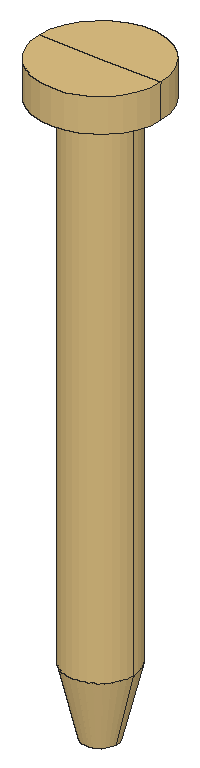
Revit family "PIN D10x70_1906570", category Generic Models, Revit 2018
Family settings
  Can host rebar = No
  Round Connector Dimension = Use Diameter
  Part Type = Normal
  OmniClass Number = 35.51.14.00
  OmniClass Title = FORMWORK
  Work Plane-Based = Yes
  Always vertical = No
  Cut with Voids When Loaded = No
  Shared = Yes
  Room Calculation Point = No
Parameters
  VERSION = "20170217"  # constant formula
  URL = "www.ulmaconstruction.com/en"
  UNICLASS = ""
  Manufacturer = "ULMA CONSTRUCTION"  # constant formula
  ITEM_CODE = "1906570"
  FILTER [instance] = ""
  Default Elevation = 0.000 mm
  CLASSIFICATION_TITLE = ""
  CLASSIFICATION_NUMBER = ""
Reference planes
  plane 1 "Centro (Frontal/Posterior)": y = 0
  plane 2: z = 0
  plane 3 "Centro (Izquierda/Derecha)": x = 0
  plane 4 "HOLE": z = -73
Forms (mm)
  Revolve 1, solid, material "ULMA BICHROMATE"
    sketch origin (0, 0, 0) x (0, 0, -1) y (1, 0, 0)
      loop
        line (75, 5) -> (0, 5) -> (0, 9) -> (-5, 9) -> (-5, 0) -> (85, 0) -> (85, 2.5) -> (75, 5)
      axis (85, 0) -> (-5, 0)
    angle from 0 to 360
Dimensions and locks
  locked: plane 2 to plane 4 "HOLE" at 73
  aligned and locked: level to plane 2
